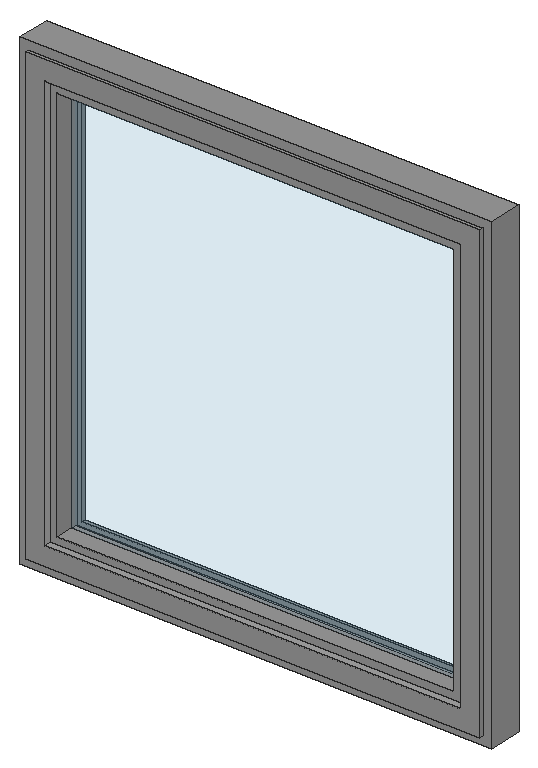
Revit family "Kawneer_Window_GT70s_Pos0011", category Windows, host Wall, Revit 2020
Family settings
  Host = Wall
  OmniClass Number = 23.30.20.00
  OmniClass Title = Windows
  Always vertical = Yes
  Cut with Voids When Loaded = No
  Shared = No
  Room Calculation Point = No
Parameters (values of type "1000mm(w)x1000mm(h)")
  _ObjectUserGuide = "www.bimstore.co.uk"
  _DistributedBy = "www.bimstore.co.uk"
  _CurrentRevision = 1
  _CreatedBy = "https://www.bimstore.co/"
  _BimSpecGuid = 0
  _BSBibleVersion = 16
  _AuthorizedBy = "bimstore"
  _Author = "BS"
  WarrantyStartDate [instance] = "Please record on commissioning."
  WarrantyGuarantorParts = "kuk.kawneer@arconic.com"
  WarrantyGuarantorLabor = "kuk.kawneer@arconic.com"
  WarrantyDurationUnit = "Years"
  WarrantyDurationParts = "n/a"
  WarrantyDurationLabor = "n/a"
  WarrantyDescription = "Kawneer Lifetime Guarantee"
  WallThickness [instance] = 300 mm
  URL = "https://www.kawneer.com"
  TypeName = Model  # "GT70s - Pos 001"
  Type Comments = "1000mm(w)x1000mm(h)"
  TopPanel = 600 mm
  SpareParts = "n/a"
  Size = Type Comments  # "1000mm(w)x1000mm(h)"
  Shape = "Rectangle"
  SerialNumber [instance] = "Please record on commissioning."
  Rough Width = Width  # 1000 mm
  Rough Height = Height  # 1000 mm
  ReplacementCost = "n/a"
  ReferencedStandard = "n/a"
  ProductionYear = "2022"
  OffsetOutward [instance] = if(ExternalRevealDepth > 0 mm, 0 mm, 0 mm - ExternalRevealDepth)  # 0 mm
  OffsetInward [instance] = if(OffsetOutward = 0 mm, ExternalRevealDepth, 0 mm)  # 30 mm
  NominalLength = Width  # 1000 mm
  NominalHeight = Height  # 1000 mm
  NominalDepth = FrameDepth  # 72 mm
  NBSReference = "45-25-99/310"
  NBSOfficeMasterTag = "n/a"
  NBSObjectName = "Kawneer - Aluminium window units"
  NBSNote = "n/a"
  NBSDescription = "Aluminium window units"
  ModelReference = Type Comments  # "1000mm(w)x1000mm(h)"
  ModelNumber = Model  # "GT70s - Pos 001"
  Model = "GT70s - Pos 001"
  Material = "Aluminium"
  ManufacturerName = "Kawneer UK Limited"
  Manufacturer = "Kawneer UK Limited"
  Keynote = "L10/330"
  JambTolerance = 0 mm
  IronmongeryMaterial [instance] = Aluminum
  InternalRevealThickness = 5 mm
  InternalRevealDepth [instance] = WallThickness - ExternalRevealDepth - FrameDepth  # 198 mm
  InstallationDate [instance] = "Please record on commissioning."
  IfcExportType = "IfcWindowTypeEnum.WINDOW"
  IfcExportAs = "IfcWindow"
  Height = 1000 mm
  HeadTolerance = 0 mm
  HasCill [instance] = no
  Grade = "n/a"
  GlazingThickness = 28 mm  # constant formula
  GlazingMaterial [instance] = Kawneer Glass
  GlassThickness = 6 mm  # constant formula
  GlassOffset_EXT = 7 mm  # constant formula
  FrameWidth = 79 mm  # constant formula
  FrameMaterial [instance] = Aluminum
  Finish = "PPC"
  Features = "n/a"
  ExternalRevealDepth [instance] = 30 mm
  ExpectedLife = 0
  DurationUnit = "Years"
  DocumentationTechnical = "n/a"
  DocumentationMaintenance = "n/a"
  DocumentationLiterature = "https://www.kawneer.com"
  DocumentationInstallationGuide = "n/a"
  DocumentationCertificates = "n/a"
  Description = "Window"
  FrameDepth = 72 mm  # constant formula
  Default Cill Height = 800 mm
  Wall Closure = By host
  Width = 1000 mm
  CreatedOn = "12-09.2022 T09:00:00"
  CreatedBy = "kuk.kawneer@arconic.com"
  Constituents = "n/a"
  Color = "n/a"
  CodePerformance = "n/a"
  ClassificationValue = "Pr_30_59_98_02"
  ClassificationName = "Uniclass2015"
  CillHeight [instance] = if(HasCill, 30 mm, 0 mm)  # 0 mm
  BottomPanel = 600 mm
  BarCode [instance] = "Please record on commissioning."
  BIMObjectName = "Kawneer_Window_GT70s_Pos001"
  AssetType = "Fixed"
  AssetIdentifier [instance] = "n/a"
  Assembly Code = "B2020100"
  AccessibilityPerformance = "n/a"
Reference planes
  plane 1 "Center (Front/Back)": y = 0
  plane 2 "Center (Left/Right)": x = 0
  plane 3 "Left": x = -500
  plane 4 "Right": x = 500
  plane 5 "Sill": z = 800
  plane 6 "Head": z = 1800
  plane 7 "Exterior": y = 150
  plane 8 "Interior": y = -150
  plane 9 "Front": y = 120
  plane 10 "Frame Rear": y = 48
  plane 11 "Base": z = 800
  plane 12 "Offset Inward": y = 120
  plane 13: x = -495
  plane 14: x = 495
  plane 15 "7": z = 1795
  plane 16 "Int Wrap": y = 48
  plane 17 "CL": z = 1300
  plane 18 "JAMB TOL A": x = -500
  plane 19 "JAMB TOL B": x = 500
  plane 20 "HEAD TOL": z = 1800
  plane 21 "HEAD TOL E": z = 1721
  plane 22 "HEAD TOL F": z = 879
  plane 23 "Handle Int": y = 48
Forms (mm)
  Extrusion 1, void
    sketch origin (0, 0, 0) x (1, 0, 0) y (0, 1, 0)
      loop
        line (-495, 48) -> (-495, -150) -> (495, -150) -> (495, 48) -> (-495, 48)
    from 800 to 1795
  Extrusion 2, void
    sketch origin (0, 0, 0) x (1, 0, 0) y (0, 1, 0)
      loop
        line (-500, 150) -> (-500, 48) -> (500, 48) -> (500, 150) -> (-500, 150)
    from 800 to 1800
Lines and regions (mm)
  Masking region 1
    outline origin (-500, 0, 0) x (0, -1, 0) y (0, 0, 1)
      loop
        line (150, 1800) -> (-48, 1800) -> (-48, 1795) -> (150, 1795) -> (150, 1800)
Text (mm)
  text "EXTERIOR" at (-1963.203, 1332.353, 0), in view "Ref. Level"
  text "INTERIOR" at (-1981.466, -818.386, 0), in view "Ref. Level"
  text "Exterior" at (0, 923.751, 2943.296), in view "Right"
  text "Exterior" at (0, 1040.484, 2685.409), in view "Left"
Dimensions and locks
  equal spacing: plane 3 "Left", plane 2 "Center (Left/Right)", plane 4 "Right"
  "Width": plane 3 "Left" to plane 4 "Right"
  "Height": plane 5 "Sill" to plane 6 "Head"
  "Default Cill Height": plane 5 "Sill" to level
  locked: plane 7 "Exterior" to host wall
  locked: plane 8 "Interior" to host wall
  "FrameDepth": plane 9 "Front" to plane 10 "Frame Rear"
  "OffsetInward": plane 12 "Offset Inward" to plane 7 "Exterior"
  "OffsetOutward": plane 9 "Front" to plane 12 "Offset Inward"
  "InternalRevealThickness": plane 3 "Left" to plane 13
  "InternalRevealThickness": plane 14 to plane 4 "Right"
  "InternalRevealThickness": plane 6 "Head" to plane 15 "7"
  "InternalRevealDepth": plane 8 "Interior" to plane 16 "Int Wrap"
  "WallThickness": host wall to host wall
  equal spacing: plane 5 "Sill", plane 17 "CL", plane 6 "Head"
  "JambTolerance": plane 19 "JAMB TOL B" to plane 4 "Right"
  "JambTolerance": plane 3 "Left" to plane 18 "JAMB TOL A"
  "HeadTolerance": plane 20 "HEAD TOL" to plane 6 "Head"
  "FrameWidth": plane 21 "HEAD TOL E" to plane 20 "HEAD TOL"
  "FrameWidth": plane 11 "Base" to plane 22 "HEAD TOL F"
  "CillHeight": plane 5 "Sill" to plane 11 "Base"
  locked: plane 9 "Front" to plane 23 "Handle Int" at 72
  aligned and locked: Extrusion 1 sketch curve to plane 16 "Int Wrap"
  aligned and locked: Extrusion 1 sketch curve to plane 13
  aligned and locked: Extrusion 1 sketch curve to plane 14
  aligned and locked: Extrusion 1 sketch curve to plane 8 "Interior"
  aligned and locked: Extrusion 1 to plane 15 "7"
  aligned and locked: plane 5 "Sill" to Extrusion 1
  aligned and locked: Extrusion 2 sketch curve to plane 3 "Left"
  aligned and locked: plane 4 "Right" to Extrusion 2 sketch curve
  aligned and locked: plane 16 "Int Wrap" to Extrusion 2 sketch curve
  aligned and locked: Extrusion 2 to plane 6 "Head"
  aligned and locked: plane 5 "Sill" to Extrusion 2
  aligned and locked: plane 7 "Exterior" to Extrusion 2 sketch curve
  aligned and locked: plane 16 "Int Wrap" to Masking region 1 sketch curve
  aligned and locked: plane 15 "7" to Masking region 1 sketch curve
  aligned and locked: Masking region 1 sketch curve to plane 6 "Head"
  aligned and locked: host wall to Masking region 1 sketch curve
  aligned and locked: nested 1 to plane 20 "HEAD TOL"
  aligned and locked: nested 1 to plane 11 "Base"
  aligned and locked: nested 1 to plane 19 "JAMB TOL B"
  aligned and locked: plane 18 "JAMB TOL A" to nested 1
  aligned and locked: plane 9 "Front" to nested 1
Nested families
  nested 1: "Kawneer_GT70s_Pos001" at (500, 120, 1300) x (-1, 0, 0) z (0, 0, 1), FrameMaterial <- "FrameMaterial", GlassMaterial <- "GlazingMaterial", type "Kawneer_GT70s_Pos001"
    with Width 1000 mm, Height 1000 mm, GlassMaterial Kawneer Glass, FrameMaterial Aluminum
Definition of nested family "Kawneer_GT70s_Pos001"
  Parameters (values of type "Kawneer_Window_GT70s_Pos001")
    Width [instance] = 1000 mm
    TopPanel = 600 mm
    Offset = 0 mm
    Height [instance] = 1000 mm
    GlassMaterial [instance] = none
    GPane = 6 mm
    FrameMaterial [instance] = none
    Default Elevation = 0 mm
    BottomPanel = 600 mm
  Reference planes
    plane 1 "Center (Front/Back)": y = 0
    plane 2: z = 0
    plane 3 "Center (Left/Right)": x = 0
    plane 4 "Frame Front": y = 0
    plane 5 "Frame": y = 72
    plane 6: x = 1000
    plane 7: z = 500
    plane 8: z = -500
    plane 9 "Glass Front": y = 7
    plane 10: y = 13
    plane 11: y = 29
    plane 12: y = 35
    plane 13 "CL": x = 500
    plane 14: x = 69
    plane 15: x = 931
    plane 16: z = 431
    plane 17: z = -431
  Forms (mm)
    Extrusion 1, solid, material <- "GlassMaterial"
      sketch origin (0, 0, 0) x (1, 0, 0) y (0, 1, 0)
        loop
          line (69, 35) -> (69, 29) -> (931, 29) -> (931, 35) -> (69, 35)
        loop
          line (69, 13) -> (69, 7) -> (931, 7) -> (931, 13) -> (69, 13)
      from -431 to 431
    Sweep 2, solid, material <- "FrameMaterial"
      path origin (0, 0, 0) x (-1, 0, 0) y (0, 0, 1)
        loop
          line (-1000, 500) -> (-1000, -500) -> (0, -500) -> (0, 500) -> (-1000, 500)
      profile "Kawneer_GT70s_JambOpen_Profile : Kawneer_GT70s_JambOpen_Profile" origin (1000, 0, 0) x (-1, 0, 0) y (0, 1, 0)
        loop
          line (0, 72) -> (0, 0) -> (39, 0) -> (39, 4.7) -> (51, 4.7) -> (51, 0) -> (79, 0) -> (79, 7) -> (69, 7) -> (69, 35) -> (79, 35) -> (79, 72) -> (64, 72) -> (58.398, 80) -> (18, 80) -> (18, 72) -> (0, 72)
  Lines and regions (mm)
    symbolic lines
      curve 1: line (79, 7, -421) -> (500, 7, 421)
      curve 2: line (500, 7, 421) -> (921, 7, -421)
      curve 3: line (921, 7, 421) -> (79, 7, 0)
      curve 4: line (79, 7, 0) -> (921, 7, -421)
  Dimensions and locks
    equal spacing: plane 7, level, plane 8
    "Height": plane 7 to plane 8
    "Width": plane 6 to plane 3 "Center (Left/Right)"
    locked: plane 5 "Frame" to plane 4 "Frame Front" at 72
    "Offset": plane 4 "Frame Front" to plane 1 "Center (Front/Back)"
    equal spacing: plane 6, plane 13 "CL", plane 3 "Center (Left/Right)"
    locked: plane 9 "Glass Front" to plane 4 "Frame Front" at 7
    locked: plane 12 to plane 9 "Glass Front" at 28
    "GPane": plane 12 to plane 11
    "GPane": plane 10 to plane 9 "Glass Front"
    locked: plane 14 to plane 3 "Center (Left/Right)" at 69
    locked: plane 6 to plane 15 at 69
    locked: plane 7 to plane 16 at 69
    locked: plane 17 to plane 8 at 69
    aligned and locked: level to plane 2
    aligned and locked: Extrusion 1 sketch curve to plane 12
    aligned and locked: plane 11 to Extrusion 1 sketch curve
    aligned and locked: Extrusion 1 sketch curve to plane 10
    aligned and locked: plane 9 "Glass Front" to Extrusion 1 sketch curve
    aligned and locked: plane 6 to nested 1
    aligned and locked: plane 4 "Frame Front" to nested 1
    aligned and locked: plane 3 "Center (Left/Right)" to nested 2
    aligned and locked: nested 2 to plane 4 "Frame Front"
    aligned and locked: plane 14 to Extrusion 1 sketch curve  (x2)
    aligned and locked: Extrusion 1 sketch curve to plane 15  (x2)
    aligned and locked: plane 6 to Sweep 2 sketch curve
    aligned and locked: plane 8 to Sweep 2 sketch curve
    aligned and locked: plane 7 to Sweep 2 sketch curve
    aligned and locked: plane 3 "Center (Left/Right)" to Sweep 2 sketch curve
    aligned and locked: nested 3 to plane 7
    aligned and locked: plane 5 "Frame" to nested 3
    aligned and locked: nested 4 to plane 8
    aligned and locked: nested 4 to plane 4 "Frame Front"
    aligned and locked: plane 16 to Extrusion 1
    aligned and locked: Extrusion 1 to plane 17
  Automatic sketch dimensions
    curve 2 to plane 13 "CL" = 0 mm
    curve 3 to level = 0 mm
    curve 2 to plane 16 = 10 mm
    curve 4 to plane 15 = 10 mm
    curve 3 to plane 15 = 10 mm
    plane 14 to curve 4 = 10 mm
    plane 14 to curve 1 = 10 mm
    plane 17 to curve 1 = 10 mm
    plane 17 to curve 2 = 10 mm
    curve 3 to plane 16 = 10 mm
  Nested families
    nested 1: "Kawneer_GT70s_Jamb" at (1000, 72, 0), type "Jamb Open"
      with Open yes
    nested 2: "Kawneer_GT70s_Jamb" at (0, 72, 0) x (-1, 0, 0) z (0, 0, 1), type "Jamb Open"
      with Open yes
    nested 3: "Kawneer_GT70s_Jamb" at (0, 72, 500) x (0, 0, 1) z (1, 0, 0), type "Jamb Open"
      with Open yes
    nested 4: "Kawneer_GT70s_Jamb" at (0, 72, -500) x (0, 0, -1) z (1, 0, 0), type "Jamb Open"
      with Open yes
  Definition of nested family "Kawneer_GT70s_Jamb"
    Parameters (values of type "Jamb Open")
      Open [instance] = yes
    Reference planes
      plane 1 "Center (Front/Back)": y = 0
      plane 2: z = 0
      plane 3 "Center (Left/Right)": x = 0
      plane 4: x = -79
      plane 5: x = -69
      plane 6: y = -37
      plane 7: y = -65
      plane 8: y = -72
    Lines and regions (mm)
      model lines, in view "Ref. Level", detail levels fine
        curve 1: arc (-15.5, -1.4, 0) -> (-15.641, -1.459, 0) -> (-15.7, -1.6, 0) r 0.2
        curve 2: arc (-15.7, -1.6, 0) -> (-15.759, -1.741, 0) -> (-15.9, -1.8, 0) r 0.2
        curve 3: arc (-17, -1.8, 0) -> (-17.141, -1.859, 0) -> (-17.2, -2, 0) r 0.2
        curve 4: arc (-17.2, -3.013, 0) -> (-17.259, -3.154, 0) -> (-17.4, -3.213, 0) r 0.2
        curve 5: arc (-17.4, -3.213, 0) -> (-17.541, -3.271, 0) -> (-17.6, -3.413, 0) r 0.2
        curve 6: arc (-17.6, -15.2, 0) -> (-17.541, -15.341, 0) -> (-17.4, -15.4, 0) r 0.2
        curve 7: arc (-17.4, -15.4, 0) -> (-17.259, -15.459, 0) -> (-17.2, -15.6, 0) r 0.2
        curve 8: arc (-17.2, -16.5, 0) -> (-17.141, -16.641, 0) -> (-17, -16.7, 0) r 0.2
        curve 9: arc (-16.273, -16.7, 0) -> (-16.173, -16.727, 0) -> (-16.1, -16.8, 0) r 0.2
        curve 10: arc (-16.1, -16.8, 0) -> (-16.027, -16.873, 0) -> (-15.927, -16.9, 0) r 0.2
        curve 11: arc (-8.073, -16.9, 0) -> (-7.973, -16.873, 0) -> (-7.9, -16.8, 0) r 0.2
        curve 12: arc (-7.9, -16.8, 0) -> (-7.827, -16.727, 0) -> (-7.727, -16.7, 0) r 0.2
        curve 13: arc (-7, -16.7, 0) -> (-6.859, -16.641, 0) -> (-6.8, -16.5, 0) r 0.2
        curve 14: arc (-6.8, -15.6, 0) -> (-6.741, -15.459, 0) -> (-6.6, -15.4, 0) r 0.2
        curve 15: arc (-6.6, -15.4, 0) -> (-6.459, -15.341, 0) -> (-6.4, -15.2, 0) r 0.2
        curve 16: arc (-6.4, -3.413, 0) -> (-6.459, -3.271, 0) -> (-6.6, -3.213, 0) r 0.2
        curve 17: arc (-6.6, -3.213, 0) -> (-6.741, -3.154, 0) -> (-6.8, -3.013, 0) r 0.2
        curve 18: arc (-6.8, -2, 0) -> (-6.859, -1.859, 0) -> (-7, -1.8, 0) r 0.2
        curve 19: arc (-8.1, -1.8, 0) -> (-8.241, -1.741, 0) -> (-8.3, -1.6, 0) r 0.2
        curve 20: arc (-8.3, -1.6, 0) -> (-8.359, -1.459, 0) -> (-8.5, -1.4, 0) r 0.2
        curve 21: arc (-0.5, 0, 0) -> (-0.146, -0.146, 0) -> (0, -0.5, 0) r 0.5
        curve 22: arc (0, -2.342, 0) -> (-0.333, -3.447, 0) -> (-1.222, -4.184, 0) r 2
        curve 23: arc (-1.222, -4.184, 0) -> (-1.411, -4.167, 0) -> (-1.5, -4, 0) r 0.2
        curve 24: arc (-1.5, -2.3, 0) -> (-1.646, -1.946, 0) -> (-2, -1.8, 0) r 0.5
        curve 25: arc (-4.5, -1.8, 0) -> (-4.854, -1.946, 0) -> (-5, -2.3, 0) r 0.5
        curve 26: arc (-5, -15.8, 0) -> (-4.854, -16.154, 0) -> (-4.5, -16.3, 0) r 0.5
        curve 27: arc (-2, -16.3, 0) -> (-1.646, -16.154, 0) -> (-1.5, -15.8, 0) r 0.5
        curve 28: arc (-1.5, -14.4, 0) -> (-1.406, -14.23, 0) -> (-1.212, -14.22, 0) r 0.2
        curve 29: arc (-1.212, -14.22, 0) -> (-0.474, -14.884, 0) -> (-0.2, -15.839, 0) r 1.8
        curve 30: arc (-0.2, -18.6, 0) -> (-0.493, -19.307, 0) -> (-1.2, -19.6, 0) r 1
        curve 31: arc (-1.3, -19.6, 0) -> (-1.441, -19.541, 0) -> (-1.5, -19.4, 0) r 0.2
        curve 32: arc (-1.5, -18.2, 0) -> (-1.559, -18.059, 0) -> (-1.7, -18, 0) r 0.2
        curve 33: arc (-4.3, -18, 0) -> (-4.795, -18.205, 0) -> (-5, -18.7, 0) r 0.7
        curve 34: arc (-5, -21.367, 0) -> (-5.15, -21.627, 0) -> (-5.45, -21.627, 0) r 0.3
        curve 35: arc (-7.18, -20.628, 0) -> (-7.288, -20.366, 0) -> (-7.027, -20.258, 0) r 0.2
        curve 36: arc (-6.413, -18.777, 0) -> (-6.432, -18.589, 0) -> (-6.598, -18.5, 0) r 0.2
        curve 37: arc (-10.2, -18.5, 0) -> (-10.341, -18.559, 0) -> (-10.4, -18.7, 0) r 0.2
        curve 38: arc (-9.614, -20.602, 0) -> (-9.384, -20.785, 0) -> (-9.584, -21, 0) r 0.2
        curve 39: arc (-9.961, -21, 0) -> (-10.754, -20.893, 0) -> (-11.49, -20.581, 0) r 3
        curve 40: arc (-11.49, -20.581, 0) -> (-12, -20.441, 0) -> (-12.51, -20.581, 0) r 1
        curve 41: arc (-12.51, -20.581, 0) -> (-13.246, -20.893, 0) -> (-14.039, -21, 0) r 3
        curve 42: arc (-14.416, -21, 0) -> (-14.615, -20.782, 0) -> (-14.381, -20.603, 0) r 0.2
        curve 43: arc (-13.6, -18.7, 0) -> (-13.659, -18.559, 0) -> (-13.8, -18.5, 0) r 0.2
        curve 44: arc (-17.402, -18.5, 0) -> (-17.568, -18.589, 0) -> (-17.587, -18.777, 0) r 0.2
        curve 45: arc (-16.973, -20.258, 0) -> (-16.712, -20.366, 0) -> (-16.82, -20.628, 0) r 0.2
        curve 46: arc (-18.55, -21.627, 0) -> (-18.85, -21.627, 0) -> (-19, -21.367, 0) r 0.3
        curve 47: arc (-19, -18.7, 0) -> (-19.205, -18.205, 0) -> (-19.7, -18, 0) r 0.7
        curve 48: arc (-22.3, -18, 0) -> (-22.441, -18.059, 0) -> (-22.5, -18.2, 0) r 0.2
        curve 49: arc (-22.5, -19.4, 0) -> (-22.559, -19.541, 0) -> (-22.7, -19.6, 0) r 0.2
        curve 50: arc (-22.8, -19.6, 0) -> (-23.507, -19.307, 0) -> (-23.8, -18.6, 0) r 1
        curve 51: arc (-23.8, -15.839, 0) -> (-23.526, -14.884, 0) -> (-22.788, -14.22, 0) r 1.8
        curve 52: arc (-22.788, -14.22, 0) -> (-22.594, -14.23, 0) -> (-22.5, -14.4, 0) r 0.2
        curve 53: arc (-22.5, -15.8, 0) -> (-22.354, -16.154, 0) -> (-22, -16.3, 0) r 0.5
        curve 54: arc (-19.5, -16.3, 0) -> (-19.146, -16.154, 0) -> (-19, -15.8, 0) r 0.5
        curve 55: arc (-19, -2.3, 0) -> (-19.146, -1.946, 0) -> (-19.5, -1.8, 0) r 0.5
        curve 56: arc (-22, -1.8, 0) -> (-22.354, -1.946, 0) -> (-22.5, -2.3, 0) r 0.5
        curve 57: arc (-22.5, -4, 0) -> (-22.589, -4.167, 0) -> (-22.778, -4.184, 0) r 0.2
        curve 58: arc (-22.778, -4.184, 0) -> (-23.667, -3.447, 0) -> (-24, -2.342, 0) r 2
        curve 59: arc (-24, -0.5, 0) -> (-23.854, -0.146, 0) -> (-23.5, 0, 0) r 0.5
        curve 60: arc (-15.25, -35.5, 0) -> (-15.674, -35.324, 0) -> (-15.85, -34.9, 0) r 0.6
        curve 61: arc (-15.85, -34.9, 0) -> (-15.674, -34.476, 0) -> (-15.25, -34.3, 0) r 0.6
        curve 62: arc (-6.964, -34.3, 0) -> (-6.608, -34.151, 0) -> (-6.464, -33.794, 0) r 0.5
        curve 63: arc (-6.464, -33.794, 0) -> (-6.545, -30.287, 0) -> (-6.697, -26.783, 0) r 172.05
        curve 64: arc (-6.697, -26.783, 0) -> (-6.905, -25.843, 0) -> (-7.395, -25.015, 0) r 3.049
        curve 65: arc (-8.779, -23.365, 0) -> (-9.328, -22.473, 0) -> (-9.481, -21.437, 0) r 2.599
        curve 66: arc (-9.481, -20.971, 0) -> (-9.498, -20.844, 0) -> (-9.548, -20.726, 0) r 0.5
        curve 67: arc (-10.4, -18.7, 0) -> (-10.341, -18.559, 0) -> (-10.2, -18.5, 0) r 0.2
        curve 68: arc (-9.179, -18.5, 0) -> (-8.92, -18.65, 0) -> (-8.92, -18.95, 0) r 0.3
        curve 69: arc (-8.92, -18.95, 0) -> (-8.4, -19.85, 0) -> (-7.88, -18.95, 0) r 0.6
        curve 70: arc (-7.88, -18.95, 0) -> (-7.88, -18.65, 0) -> (-7.621, -18.5, 0) r 0.3
        curve 71: arc (-6.8, -18.5, 0) -> (-6.659, -18.559, 0) -> (-6.6, -18.7, 0) r 0.2
        curve 72: arc (-7.103, -20.871, 0) -> (-6.886, -21.58, 0) -> (-6.355, -22.099, 0) r 1.5
        curve 73: arc (-5.55, -22.564, 0) -> (-5.184, -22.93, 0) -> (-5.05, -23.43, 0) r 1
        curve 74: arc (-5.05, -48.57, 0) -> (-5.184, -49.07, 0) -> (-5.55, -49.436, 0) r 1
        curve 75: arc (-6.355, -49.901, 0) -> (-6.886, -50.42, 0) -> (-7.103, -51.129, 0) r 1.5
        curve 76: arc (-6.6, -53.3, 0) -> (-6.659, -53.441, 0) -> (-6.8, -53.5, 0) r 0.2
        curve 77: arc (-7.621, -53.5, 0) -> (-7.88, -53.35, 0) -> (-7.88, -53.05, 0) r 0.3
        curve 78: arc (-7.88, -53.05, 0) -> (-8.4, -52.15, 0) -> (-8.92, -53.05, 0) r 0.6
        curve 79: arc (-8.92, -53.05, 0) -> (-8.92, -53.35, 0) -> (-9.179, -53.5, 0) r 0.3
        curve 80: arc (-10.2, -53.5, 0) -> (-10.341, -53.441, 0) -> (-10.4, -53.3, 0) r 0.2
        curve 81: arc (-9.548, -51.274, 0) -> (-9.498, -51.153, 0) -> (-9.481, -51.024, 0) r 0.5
        curve 82: arc (-9.481, -50.566, 0) -> (-9.301, -49.539, 0) -> (-8.78, -48.636, 0) r 2.996
        curve 83: arc (-7.395, -46.986, 0) -> (-6.902, -46.158, 0) -> (-6.697, -45.216, 0) r 3.002
        curve 84: arc (-6.697, -45.216, 0) -> (-6.512, -40.61, 0) -> (-6.45, -36, 0) r 172.47
        curve 85: arc (-6.45, -36, 0) -> (-6.596, -35.646, 0) -> (-6.95, -35.5, 0) r 0.5
        curve 86: arc (-8.15, -36.5, 0) -> (-7.726, -36.676, 0) -> (-7.55, -37.1, 0) r 0.6
        curve 87: arc (-7.55, -37.1, 0) -> (-7.726, -37.524, 0) -> (-8.15, -37.7, 0) r 0.6
        curve 88: arc (-17.036, -37.7, 0) -> (-17.392, -37.849, 0) -> (-17.536, -38.206, 0) r 0.5
        curve 89: arc (-17.536, -38.206, 0) -> (-17.455, -41.713, 0) -> (-17.303, -45.217, 0) r 172.05
        curve 90: arc (-17.303, -45.217, 0) -> (-17.095, -46.157, 0) -> (-16.605, -46.985, 0) r 3.049
        curve 91: arc (-15.221, -48.635, 0) -> (-14.672, -49.527, 0) -> (-14.519, -50.563, 0) r 2.599
        curve 92: arc (-14.519, -51.029, 0) -> (-14.502, -51.156, 0) -> (-14.452, -51.274, 0) r 0.5
        curve 93: arc (-13.6, -53.3, 0) -> (-13.659, -53.441, 0) -> (-13.8, -53.5, 0) r 0.2
        curve 94: arc (-14.821, -53.5, 0) -> (-15.08, -53.35, 0) -> (-15.08, -53.05, 0) r 0.3
        curve 95: arc (-15.08, -53.05, 0) -> (-15.6, -52.15, 0) -> (-16.12, -53.05, 0) r 0.6
        curve 96: arc (-16.12, -53.05, 0) -> (-16.12, -53.35, 0) -> (-16.379, -53.5, 0) r 0.3
        curve 97: arc (-17.2, -53.5, 0) -> (-17.341, -53.441, 0) -> (-17.4, -53.3, 0) r 0.2
        curve 98: arc (-16.897, -51.129, 0) -> (-17.114, -50.42, 0) -> (-17.645, -49.901, 0) r 1.5
        curve 99: arc (-18.45, -49.436, 0) -> (-18.816, -49.07, 0) -> (-18.95, -48.57, 0) r 1
        curve 100: arc (-18.95, -46.5, 0) -> (-19.093, -46.143, 0) -> (-19.45, -46, 0) r 0.49
        curve 101: arc (-22.15, -46, 0) -> (-22.362, -46.088, 0) -> (-22.45, -46.3, 0) r 0.3
        curve 102: arc (-22.45, -46.9, 0) -> (-22.596, -47.254, 0) -> (-22.95, -47.4, 0) r 0.5
        curve 103: arc (-22.95, -47.4, 0) -> (-23.304, -47.254, 0) -> (-23.45, -46.9, 0) r 0.5
        curve 104: arc (-23.45, -43.9, 0) -> (-23.303, -43.547, 0) -> (-22.95, -43.4, 0) r 0.502
        curve 105: arc (-22.95, -43.4, 0) -> (-22.596, -43.546, 0) -> (-22.45, -43.9, 0) r 0.5
        curve 106: arc (-22.45, -44.5, 0) -> (-22.362, -44.712, 0) -> (-22.15, -44.8, 0) r 0.3
        curve 107: arc (-19.45, -44.8, 0) -> (-19.096, -44.654, 0) -> (-18.95, -44.3, 0) r 0.5
        curve 108: arc (-18.95, -23.43, 0) -> (-18.816, -22.93, 0) -> (-18.45, -22.564, 0) r 1
        curve 109: arc (-17.645, -22.099, 0) -> (-17.114, -21.58, 0) -> (-16.897, -20.871, 0) r 1.5
        curve 110: arc (-17.4, -18.7, 0) -> (-17.341, -18.559, 0) -> (-17.2, -18.5, 0) r 0.2
        curve 111: arc (-16.379, -18.5, 0) -> (-16.12, -18.65, 0) -> (-16.12, -18.95, 0) r 0.3
        curve 112: arc (-16.12, -18.95, 0) -> (-15.6, -19.85, 0) -> (-15.08, -18.95, 0) r 0.6
        curve 113: arc (-15.08, -18.95, 0) -> (-15.08, -18.65, 0) -> (-14.821, -18.5, 0) r 0.3
        curve 114: arc (-13.8, -18.5, 0) -> (-13.659, -18.559, 0) -> (-13.6, -18.7, 0) r 0.2
        curve 115: arc (-14.452, -20.726, 0) -> (-14.502, -20.844, 0) -> (-14.519, -20.971, 0) r 0.5
        curve 116: arc (-14.519, -21.437, 0) -> (-14.7, -22.462, 0) -> (-15.22, -23.364, 0) r 2.996
        curve 117: arc (-16.605, -25.014, 0) -> (-17.098, -25.842, 0) -> (-17.303, -26.784, 0) r 3.002
        curve 118: arc (-17.303, -26.784, 0) -> (-17.488, -31.39, 0) -> (-17.55, -36, 0) r 172.47
        curve 119: arc (-17.55, -36, 0) -> (-17.404, -36.354, 0) -> (-17.05, -36.5, 0) r 0.5
        curve 120: arc (-8.5, -70.6, 0) -> (-8.359, -70.541, 0) -> (-8.3, -70.4, 0) r 0.2
        curve 121: arc (-8.3, -70.4, 0) -> (-8.241, -70.259, 0) -> (-8.1, -70.2, 0) r 0.2
        curve 122: arc (-7, -70.2, 0) -> (-6.859, -70.141, 0) -> (-6.8, -70, 0) r 0.2
        curve 123: arc (-6.8, -68.9, 0) -> (-6.741, -68.759, 0) -> (-6.6, -68.7, 0) r 0.2
        curve 124: arc (-6.6, -68.7, 0) -> (-6.459, -68.641, 0) -> (-6.4, -68.5, 0) r 0.2
        curve 125: arc (-6.4, -57, 0) -> (-6.459, -56.859, 0) -> (-6.6, -56.8, 0) r 0.2
        curve 126: arc (-6.6, -56.8, 0) -> (-6.741, -56.741, 0) -> (-6.8, -56.6, 0) r 0.2
        curve 127: arc (-6.8, -55.5, 0) -> (-6.859, -55.359, 0) -> (-7, -55.3, 0) r 0.2
        curve 128: arc (-8.1, -55.3, 0) -> (-8.2, -55.273, 0) -> (-8.273, -55.2, 0) r 0.2
        curve 129: arc (-8.273, -55.2, 0) -> (-8.346, -55.127, 0) -> (-8.446, -55.1, 0) r 0.2
        curve 130: arc (-15.554, -55.1, 0) -> (-15.654, -55.127, 0) -> (-15.727, -55.2, 0) r 0.2
        curve 131: arc (-15.727, -55.2, 0) -> (-15.8, -55.273, 0) -> (-15.9, -55.3, 0) r 0.2
        curve 132: arc (-17, -55.3, 0) -> (-17.141, -55.359, 0) -> (-17.2, -55.5, 0) r 0.2
        curve 133: arc (-17.2, -56.6, 0) -> (-17.259, -56.741, 0) -> (-17.4, -56.8, 0) r 0.2
        curve 134: arc (-17.4, -56.8, 0) -> (-17.541, -56.859, 0) -> (-17.6, -57, 0) r 0.2
        curve 135: arc (-17.6, -68.5, 0) -> (-17.541, -68.641, 0) -> (-17.4, -68.7, 0) r 0.2
        curve 136: arc (-17.4, -68.7, 0) -> (-17.259, -68.759, 0) -> (-17.2, -68.9, 0) r 0.2
        curve 137: arc (-17.2, -70, 0) -> (-17.141, -70.141, 0) -> (-17, -70.2, 0) r 0.2
        curve 138: arc (-15.9, -70.2, 0) -> (-15.759, -70.259, 0) -> (-15.7, -70.4, 0) r 0.2
        curve 139: arc (-15.7, -70.4, 0) -> (-15.641, -70.541, 0) -> (-15.5, -70.6, 0) r 0.2
        curve 140: arc (-38.5, -72, 0) -> (-38.854, -71.854, 0) -> (-39, -71.5, 0) r 0.5
        curve 141: arc (-39, -68.5, 0) -> (-38.854, -68.146, 0) -> (-38.5, -68, 0) r 0.5
        curve 142: arc (-37, -68, 0) -> (-36.646, -68.146, 0) -> (-36.5, -68.5, 0) r 0.5
        curve 143: arc (-36.5, -68.8, 0) -> (-36.559, -68.941, 0) -> (-36.7, -69, 0) r 0.2
        curve 144: arc (-37.3, -69, 0) -> (-37.654, -69.146, 0) -> (-37.8, -69.5, 0) r 0.5
        curve 145: arc (-37.8, -70.1, 0) -> (-37.654, -70.454, 0) -> (-37.3, -70.6, 0) r 0.5
        curve 146: arc (-32.7, -70.6, 0) -> (-32.346, -70.454, 0) -> (-32.2, -70.1, 0) r 0.5
        curve 147: arc (-32.2, -69.5, 0) -> (-32.346, -69.146, 0) -> (-32.7, -69, 0) r 0.5
        curve 148: arc (-33.3, -69, 0) -> (-33.441, -68.941, 0) -> (-33.5, -68.8, 0) r 0.2
        curve 149: arc (-33.5, -68.5, 0) -> (-33.354, -68.146, 0) -> (-33, -68, 0) r 0.5
        curve 150: arc (-29.9, -68, 0) -> (-29.5, -68.4, 0) -> (-29.9, -68.8, 0) r 0.4
        curve 151: arc (-30.8, -68.8, 0) -> (-30.941, -68.859, 0) -> (-31, -69, 0) r 0.2
        curve 152: arc (-31, -69.9, 0) -> (-30.854, -70.254, 0) -> (-30.5, -70.4, 0) r 0.5
        curve 153: arc (-19.489, -70.211, 0) -> (-19.143, -70.061, 0) -> (-19, -69.711, 0) r 0.5
        curve 154: arc (-19, -56.2, 0) -> (-19.146, -55.846, 0) -> (-19.5, -55.7, 0) r 0.5
        curve 155: arc (-22.3, -55.7, 0) -> (-22.441, -55.759, 0) -> (-22.5, -55.9, 0) r 0.2
        curve 156: arc (-22.5, -57.094, 0) -> (-22.559, -57.235, 0) -> (-22.7, -57.294, 0) r 0.2
        curve 157: arc (-22.7, -57.294, 0) -> (-23.266, -57.059, 0) -> (-23.5, -56.494, 0) r 0.8
        curve 158: arc (-23.5, -53.3, 0) -> (-23, -52.8, 0) -> (-22.5, -53.3, 0) r 0.5
        curve 159: arc (-22.5, -53.9, 0) -> (-22.412, -54.112, 0) -> (-22.2, -54.2, 0) r 0.3
        curve 160: arc (-19.7, -54.2, 0) -> (-19.205, -53.995, 0) -> (-19, -53.5, 0) r 0.7
        curve 161: arc (-19, -50.633, 0) -> (-18.85, -50.373, 0) -> (-18.55, -50.373, 0) r 0.3
        curve 162: arc (-16.82, -51.372, 0) -> (-16.712, -51.634, 0) -> (-16.973, -51.742, 0) r 0.2
        curve 163: arc (-17.587, -53.223, 0) -> (-17.568, -53.411, 0) -> (-17.402, -53.5, 0) r 0.2
        curve 164: arc (-13.8, -53.5, 0) -> (-13.659, -53.441, 0) -> (-13.6, -53.3, 0) r 0.2
        curve 165: arc (-14.386, -51.398, 0) -> (-14.616, -51.215, 0) -> (-14.416, -51, 0) r 0.2
        curve 166: arc (-14.039, -51, 0) -> (-13.246, -51.107, 0) -> (-12.51, -51.419, 0) r 3
        curve 167: arc (-12.51, -51.419, 0) -> (-12, -51.559, 0) -> (-11.49, -51.419, 0) r 1
        curve 168: arc (-11.49, -51.419, 0) -> (-10.754, -51.107, 0) -> (-9.961, -51, 0) r 3
        curve 169: arc (-9.584, -51, 0) -> (-9.385, -51.217, 0) -> (-9.618, -51.397, 0) r 0.2
        curve 170: arc (-10.4, -53.3, 0) -> (-10.341, -53.441, 0) -> (-10.2, -53.5, 0) r 0.2
        curve 171: arc (-6.598, -53.5, 0) -> (-6.432, -53.411, 0) -> (-6.413, -53.223, 0) r 0.2
        curve 172: arc (-7.027, -51.742, 0) -> (-7.288, -51.634, 0) -> (-7.18, -51.372, 0) r 0.2
        curve 173: arc (-5.45, -50.373, 0) -> (-5.15, -50.373, 0) -> (-5, -50.633, 0) r 0.3
        curve 174: arc (-5, -53.3, 0) -> (-4.795, -53.795, 0) -> (-4.3, -54, 0) r 0.7
        curve 175: arc (-1.7, -54, 0) -> (-1.559, -53.941, 0) -> (-1.5, -53.8, 0) r 0.2
        curve 176: arc (-1.5, -52.6, 0) -> (-1.441, -52.459, 0) -> (-1.3, -52.4, 0) r 0.2
        curve 177: arc (-1.2, -52.4, 0) -> (-0.493, -52.693, 0) -> (-0.2, -53.4, 0) r 1
        curve 178: arc (-0.2, -56.161, 0) -> (-0.474, -57.116, 0) -> (-1.212, -57.78, 0) r 1.8
        curve 179: arc (-1.212, -57.78, 0) -> (-1.406, -57.77, 0) -> (-1.5, -57.6, 0) r 0.2
        curve 180: arc (-1.5, -56.2, 0) -> (-1.646, -55.846, 0) -> (-2, -55.7, 0) r 0.5
        curve 181: arc (-4.5, -55.7, 0) -> (-4.854, -55.846, 0) -> (-5, -56.2, 0) r 0.5
        curve 182: arc (-5, -69.7, 0) -> (-4.854, -70.054, 0) -> (-4.5, -70.2, 0) r 0.5
        curve 183: arc (-2, -70.2, 0) -> (-1.646, -70.054, 0) -> (-1.5, -69.7, 0) r 0.5
        curve 184: arc (-1.5, -68, 0) -> (-1.411, -67.833, 0) -> (-1.222, -67.816, 0) r 0.2
        curve 185: arc (-1.222, -67.816, 0) -> (-0.333, -68.553, 0) -> (0, -69.658, 0) r 2
        curve 186: arc (0, -71.5, 0) -> (-0.146, -71.854, 0) -> (-0.5, -72, 0) r 0.5
        curve 510: line (-8.5, -1.4, 0) -> (-12, -1.4, 0)
        curve 511: line (-12, -1.4, 0) -> (-15.5, -1.4, 0)
        curve 512: line (-15.9, -1.8, 0) -> (-17, -1.8, 0)
        curve 513: line (-17.2, -2, 0) -> (-17.2, -3.013, 0)
        curve 514: line (-17.6, -3.413, 0) -> (-17.6, -9.306, 0)
        curve 515: line (-17.6, -9.306, 0) -> (-17.6, -15.2, 0)
        curve 516: line (-17.2, -15.6, 0) -> (-17.2, -16.5, 0)
        curve 517: line (-17, -16.7, 0) -> (-16.273, -16.7, 0)
        curve 518: line (-15.927, -16.9, 0) -> (-12, -16.9, 0)
        curve 519: line (-12, -16.9, 0) -> (-8.073, -16.9, 0)
        curve 520: line (-7.727, -16.7, 0) -> (-7, -16.7, 0)
        curve 521: line (-6.8, -16.5, 0) -> (-6.8, -15.6, 0)
        curve 522: line (-6.4, -15.2, 0) -> (-6.4, -9.306, 0)
        curve 523: line (-6.4, -9.306, 0) -> (-6.4, -3.413, 0)
        curve 524: line (-6.8, -3.013, 0) -> (-6.8, -2, 0)
        curve 525: line (-7, -1.8, 0) -> (-8.1, -1.8, 0)
        curve 526: line (-23.5, 0, 0) -> (-0.5, 0, 0)
        curve 527: line (0, -0.5, 0) -> (0, -2.342, 0)
        curve 528: line (-1.5, -4, 0) -> (-1.5, -2.3, 0)
        curve 529: line (-2, -1.8, 0) -> (-4.5, -1.8, 0)
        curve 530: line (-5, -2.3, 0) -> (-5, -15.8, 0)
        curve 531: line (-4.5, -16.3, 0) -> (-2, -16.3, 0)
        curve 532: line (-1.5, -15.8, 0) -> (-1.5, -14.4, 0)
        curve 533: line (-0.2, -15.839, 0) -> (-0.2, -18.6, 0)
        curve 534: line (-1.5, -19.4, 0) -> (-1.5, -18.2, 0)
        curve 535: line (-1.7, -18, 0) -> (-4.3, -18, 0)
        curve 536: line (-5, -18.7, 0) -> (-5, -21.367, 0)
        curve 537: line (-7.027, -20.258, 0) -> (-6.413, -18.777, 0)
        curve 538: line (-6.598, -18.5, 0) -> (-10.2, -18.5, 0)
        curve 539: line (-10.2, -18.5, 0) -> (-9.179, -18.5, 0)
        curve 540: line (-10.4, -18.7, 0) -> (-10.4, -19.24, 0)
        curve 541: line (-10.4, -19.24, 0) -> (-9.614, -20.602, 0)
        curve 542: line (-9.614, -20.602, 0) -> (-10.4, -19.25, 0)
        curve 543: line (-10.4, -19.25, 0) -> (-10.4, -18.7, 0)
        curve 544: line (-9.481, -21.437, 0) -> (-9.584, -21, 0)
        curve 545: line (-9.584, -21, 0) -> (-9.961, -21, 0)
        curve 546: line (-14.039, -21, 0) -> (-14.416, -21, 0)
        curve 547: line (-14.416, -21, 0) -> (-14.519, -21.437, 0)
        curve 548: line (-14.386, -20.602, 0) -> (-13.6, -19.24, 0)
        curve 549: line (-13.6, -19.24, 0) -> (-13.6, -18.7, 0)
        curve 550: line (-13.6, -18.7, 0) -> (-13.6, -19.25, 0)
        curve 551: line (-13.6, -19.25, 0) -> (-14.452, -20.726, 0)
        curve 552: line (-14.821, -18.5, 0) -> (-13.8, -18.5, 0)
        curve 553: line (-13.8, -18.5, 0) -> (-17.402, -18.5, 0)
        curve 554: line (-17.587, -18.777, 0) -> (-16.973, -20.258, 0)
        curve 555: line (-17.4, -18.7, 0) -> (-17.4, -19.581, 0)
        curve 556: line (-17.4, -19.581, 0) -> (-16.82, -20.628, 0)
        curve 557: line (-16.82, -20.628, 0) -> (-17.921, -21.264, 0)
        curve 558: line (-17.921, -21.264, 0) -> (-18.55, -21.627, 0)
        curve 559: line (-19, -21.367, 0) -> (-19, -18.7, 0)
        curve 560: line (-19.7, -18, 0) -> (-22.3, -18, 0)
        curve 561: line (-22.5, -18.2, 0) -> (-22.5, -19.4, 0)
        curve 562: line (-23.8, -18.6, 0) -> (-23.8, -15.839, 0)
        curve 563: line (-22.5, -14.4, 0) -> (-22.5, -15.8, 0)
        curve 564: line (-22, -16.3, 0) -> (-19.5, -16.3, 0)
        curve 565: line (-19, -15.8, 0) -> (-19, -2.3, 0)
        curve 566: line (-19.5, -1.8, 0) -> (-22, -1.8, 0)
        curve 567: line (-22.5, -2.3, 0) -> (-22.5, -4, 0)
        curve 568: line (-24, -2.342, 0) -> (-24, -0.5, 0)
        curve 569: line (-6.95, -35.5, 0) -> (-15.25, -35.5, 0)
        curve 570: line (-15.25, -34.3, 0) -> (-6.964, -34.3, 0)
        curve 571: line (-7.395, -25.015, 0) -> (-8.779, -23.365, 0)
        curve 572: line (-7.621, -18.5, 0) -> (-6.8, -18.5, 0)
        curve 573: line (-6.6, -18.7, 0) -> (-6.6, -19.581, 0)
        curve 574: line (-6.6, -19.581, 0) -> (-7.081, -20.742, 0)
        curve 575: line (-7.081, -20.742, 0) -> (-6.079, -21.264, 0)
        curve 576: line (-6.079, -21.264, 0) -> (-5.45, -21.627, 0)
        curve 577: line (-6.355, -22.099, 0) -> (-5.55, -22.564, 0)
        curve 578: line (-5.05, -23.43, 0) -> (-5.05, -48.57, 0)
        curve 579: line (-5.55, -49.436, 0) -> (-6.355, -49.901, 0)
        curve 580: line (-5.45, -50.373, 0) -> (-6.079, -50.736, 0)
        curve 581: line (-6.079, -50.736, 0) -> (-7.081, -51.258, 0)
        curve 582: line (-7.081, -51.258, 0) -> (-6.6, -52.419, 0)
        curve 583: line (-6.6, -52.419, 0) -> (-6.6, -53.3, 0)
        curve 584: line (-6.8, -53.5, 0) -> (-7.621, -53.5, 0)
        curve 585: line (-9.179, -53.5, 0) -> (-10.2, -53.5, 0)
        curve 586: line (-10.2, -53.5, 0) -> (-6.598, -53.5, 0)
        curve 587: line (-10.4, -53.3, 0) -> (-10.4, -52.76, 0)
        curve 588: line (-10.4, -52.75, 0) -> (-9.548, -51.274, 0)
        curve 589: line (-9.548, -51.274, 0) -> (-10.4, -52.76, 0)
        curve 590: line (-10.4, -52.76, 0) -> (-10.4, -53.3, 0)
        curve 591: line (-9.961, -51, 0) -> (-9.481, -51.024, 0)
        curve 592: line (-9.481, -51.024, 0) -> (-9.481, -50.566, 0)
        curve 593: line (-8.78, -48.636, 0) -> (-7.395, -46.986, 0)
        curve 594: line (-17.05, -36.5, 0) -> (-8.15, -36.5, 0)
        curve 595: line (-8.15, -37.7, 0) -> (-17.036, -37.7, 0)
        curve 596: line (-16.605, -46.985, 0) -> (-15.221, -48.635, 0)
        curve 597: line (-14.519, -50.563, 0) -> (-14.519, -51.024, 0)
        curve 598: line (-14.519, -51.024, 0) -> (-14.039, -51, 0)
        curve 599: line (-14.452, -51.274, 0) -> (-13.6, -52.75, 0)
        curve 600: line (-13.6, -52.75, 0) -> (-13.6, -53.3, 0)
        curve 601: line (-13.6, -53.3, 0) -> (-13.6, -52.76, 0)
        curve 602: line (-13.6, -52.76, 0) -> (-14.386, -51.398, 0)
        curve 603: line (-17.402, -53.5, 0) -> (-13.8, -53.5, 0)
        curve 604: line (-13.8, -53.5, 0) -> (-14.821, -53.5, 0)
        curve 605: line (-16.379, -53.5, 0) -> (-17.2, -53.5, 0)
        curve 606: line (-17.645, -49.901, 0) -> (-18.45, -49.436, 0)
        curve 607: line (-18.95, -48.57, 0) -> (-18.95, -46.5, 0)
        curve 608: line (-19.45, -46, 0) -> (-22.15, -46, 0)
        curve 609: line (-22.45, -46.3, 0) -> (-22.45, -46.9, 0)
        curve 610: line (-23.45, -46.9, 0) -> (-23.45, -43.9, 0)
        curve 611: line (-22.45, -43.9, 0) -> (-22.45, -44.5, 0)
        curve 612: line (-22.15, -44.8, 0) -> (-19.45, -44.8, 0)
        curve 613: line (-18.95, -44.3, 0) -> (-18.95, -23.43, 0)
        curve 614: line (-18.45, -22.564, 0) -> (-17.645, -22.099, 0)
        curve 615: line (-17.2, -18.5, 0) -> (-16.379, -18.5, 0)
        curve 616: line (-15.22, -23.364, 0) -> (-16.605, -25.014, 0)
        curve 617: line (-15.5, -70.6, 0) -> (-8.5, -70.6, 0)
        curve 618: line (-8.1, -70.2, 0) -> (-7, -70.2, 0)
        curve 619: line (-6.8, -70, 0) -> (-6.8, -68.9, 0)
        curve 620: line (-6.4, -68.5, 0) -> (-6.4, -57, 0)
        curve 621: line (-6.8, -56.6, 0) -> (-6.8, -55.5, 0)
        curve 622: line (-7, -55.3, 0) -> (-8.1, -55.3, 0)
        curve 623: line (-8.446, -55.1, 0) -> (-15.554, -55.1, 0)
        curve 624: line (-15.9, -55.3, 0) -> (-17, -55.3, 0)
        curve 625: line (-17.2, -55.5, 0) -> (-17.2, -56.6, 0)
        curve 626: line (-17.6, -57, 0) -> (-17.6, -68.5, 0)
        curve 627: line (-17.2, -68.9, 0) -> (-17.2, -70, 0)
        curve 628: line (-17, -70.2, 0) -> (-15.9, -70.2, 0)
        curve 629: line (-0.5, -72, 0) -> (-38.5, -72, 0)
        curve 630: line (-39, -71.5, 0) -> (-39, -68.5, 0)
        curve 632: line (-38.5, -68, 0) -> (-37, -68, 0)
        curve 633: line (-36.5, -68.5, 0) -> (-36.5, -68.8, 0)
        curve 634: line (-36.7, -69, 0) -> (-37.3, -69, 0)
        curve 635: line (-37.8, -69.5, 0) -> (-37.8, -70.1, 0)
        curve 636: line (-37.3, -70.6, 0) -> (-32.7, -70.6, 0)
        curve 637: line (-32.2, -70.1, 0) -> (-32.2, -69.5, 0)
        curve 638: line (-32.7, -69, 0) -> (-33.3, -69, 0)
        curve 639: line (-33.5, -68.8, 0) -> (-33.5, -68.5, 0)
        curve 640: line (-33, -68, 0) -> (-29.9, -68, 0)
        curve 641: line (-29.9, -68.8, 0) -> (-30.8, -68.8, 0)
        curve 642: line (-31, -69, 0) -> (-31, -69.9, 0)
        curve 643: line (-30.5, -70.4, 0) -> (-28, -70.4, 0)
        curve 644: line (-28, -70.4, 0) -> (-19.489, -70.211, 0)
        curve 645: line (-19, -69.711, 0) -> (-19, -56.2, 0)
        curve 646: line (-19.5, -55.7, 0) -> (-22.3, -55.7, 0)
        curve 647: line (-22.5, -55.9, 0) -> (-22.5, -57.094, 0)
        curve 648: line (-23.5, -56.494, 0) -> (-23.5, -53.3, 0)
        curve 649: line (-22.5, -53.3, 0) -> (-22.5, -53.9, 0)
        curve 650: line (-22.2, -54.2, 0) -> (-19.7, -54.2, 0)
        curve 651: line (-19, -53.5, 0) -> (-19, -50.633, 0)
        curve 652: line (-18.55, -50.373, 0) -> (-17.921, -50.736, 0)
        curve 653: line (-17.921, -50.736, 0) -> (-16.82, -51.372, 0)
        curve 654: line (-16.82, -51.372, 0) -> (-17.4, -52.419, 0)
        curve 655: line (-17.4, -52.419, 0) -> (-17.4, -53.3, 0)
        curve 656: line (-16.973, -51.742, 0) -> (-17.587, -53.223, 0)
        curve 657: line (-6.413, -53.223, 0) -> (-7.027, -51.742, 0)
        curve 658: line (-5, -50.633, 0) -> (-5, -53.3, 0)
        curve 659: line (-4.3, -54, 0) -> (-1.7, -54, 0)
        curve 660: line (-1.5, -53.8, 0) -> (-1.5, -52.6, 0)
        curve 661: line (-0.2, -53.4, 0) -> (-0.2, -56.161, 0)
        curve 662: line (-1.5, -57.6, 0) -> (-1.5, -56.2, 0)
        curve 663: line (-2, -55.7, 0) -> (-4.5, -55.7, 0)
        curve 664: line (-5, -56.2, 0) -> (-5, -69.7, 0)
        curve 665: line (-4.5, -70.2, 0) -> (-2, -70.2, 0)
        curve 666: line (-1.5, -69.7, 0) -> (-1.5, -68, 0)
        curve 667: line (0, -69.658, 0) -> (0, -71.5, 0)
      model lines, in view "Ref. Level", visible <- "Open", detail levels fine
        curve 187: arc (-57.354, -70.354, 0) -> (-57.191, -70.462, 0) -> (-57, -70.5, 0) r 0.5
        curve 188: arc (-54.5, -70.5, 0) -> (-54.146, -70.354, 0) -> (-54, -70, 0) r 0.5
        curve 189: arc (-54, -67.8, 0) -> (-53.414, -66.386, 0) -> (-52, -65.8, 0) r 2
        curve 190: arc (-47.3, -65.8, 0) -> (-47.159, -65.741, 0) -> (-47.1, -65.6, 0) r 0.2
        curve 191: arc (-47.1, -58.6, 0) -> (-47.159, -58.459, 0) -> (-47.3, -58.4, 0) r 0.2
        curve 192: arc (-57.3, -58.4, 0) -> (-57.441, -58.459, 0) -> (-57.5, -58.6, 0) r 0.2
        curve 193: arc (-57.5, -70, 0) -> (-57.462, -70.191, 0) -> (-57.354, -70.354, 0) r 0.5
        curve 194: arc (-78.5, -72, 0) -> (-78.854, -71.854, 0) -> (-79, -71.5, 0) r 0.5
        curve 195: arc (-79, -68.5, 0) -> (-78.854, -68.146, 0) -> (-78.5, -68, 0) r 0.5
        curve 196: arc (-77, -68, 0) -> (-76.646, -68.146, 0) -> (-76.5, -68.5, 0) r 0.5
        curve 197: arc (-76.5, -68.8, 0) -> (-76.559, -68.941, 0) -> (-76.7, -69, 0) r 0.2
        curve 198: arc (-77.3, -69, 0) -> (-77.654, -69.146, 0) -> (-77.8, -69.5, 0) r 0.5
        curve 199: arc (-77.8, -70.1, 0) -> (-77.654, -70.454, 0) -> (-77.3, -70.6, 0) r 0.5
        curve 200: arc (-72.7, -70.6, 0) -> (-72.346, -70.454, 0) -> (-72.2, -70.1, 0) r 0.5
        curve 201: arc (-72.2, -69.5, 0) -> (-72.346, -69.146, 0) -> (-72.7, -69, 0) r 0.5
        curve 202: arc (-73.3, -69, 0) -> (-73.441, -68.941, 0) -> (-73.5, -68.8, 0) r 0.2
        curve 203: arc (-73.5, -68.5, 0) -> (-73.354, -68.146, 0) -> (-73, -68, 0) r 0.5
        curve 204: arc (-69.9, -68, 0) -> (-69.5, -68.4, 0) -> (-69.9, -68.8, 0) r 0.4
        curve 205: arc (-70.8, -68.8, 0) -> (-70.941, -68.859, 0) -> (-71, -69, 0) r 0.2
        curve 206: arc (-71, -69.9, 0) -> (-70.854, -70.254, 0) -> (-70.5, -70.4, 0) r 0.5
        curve 207: arc (-59.489, -70.211, 0) -> (-59.143, -70.061, 0) -> (-59, -69.711, 0) r 0.5
        curve 208: arc (-59, -53.933, 0) -> (-58.85, -53.673, 0) -> (-58.55, -53.673, 0) r 0.3
        curve 209: arc (-56.82, -54.672, 0) -> (-56.712, -54.934, 0) -> (-56.973, -55.042, 0) r 0.2
        curve 210: arc (-57.587, -56.523, 0) -> (-57.568, -56.711, 0) -> (-57.402, -56.8, 0) r 0.2
        curve 211: arc (-53.8, -56.8, 0) -> (-53.659, -56.741, 0) -> (-53.6, -56.6, 0) r 0.2
        curve 212: arc (-54.386, -54.698, 0) -> (-54.616, -54.515, 0) -> (-54.416, -54.3, 0) r 0.2
        curve 213: arc (-54.039, -54.3, 0) -> (-52.861, -54.541, 0) -> (-51.872, -55.225, 0) r 3
        curve 214: arc (-51.872, -55.225, 0) -> (-51.15, -55.533, 0) -> (-50.428, -55.225, 0) r 1
        curve 215: arc (-50.428, -55.225, 0) -> (-49.439, -54.541, 0) -> (-48.261, -54.3, 0) r 3
        curve 216: arc (-47.884, -54.3, 0) -> (-47.684, -54.515, 0) -> (-47.914, -54.698, 0) r 0.2
        curve 217: arc (-48.7, -56.6, 0) -> (-48.641, -56.741, 0) -> (-48.5, -56.8, 0) r 0.2
        curve 218: arc (-44.898, -56.8, 0) -> (-44.732, -56.711, 0) -> (-44.713, -56.523, 0) r 0.2
        curve 219: arc (-45.327, -55.042, 0) -> (-45.588, -54.934, 0) -> (-45.48, -54.672, 0) r 0.2
        curve 220: arc (-43.75, -53.673, 0) -> (-43.45, -53.673, 0) -> (-43.3, -53.933, 0) r 0.3
        curve 221: arc (-43.3, -57.228, 0) -> (-43.252, -57.359, 0) -> (-43.13, -57.426, 0) r 0.2
        curve 222: arc (-42.263, -57.588, 0) -> (-42.146, -57.657, 0) -> (-42.1, -57.785, 0) r 0.2
        curve 223: arc (-42.1, -58.4, 0) -> (-42.159, -58.541, 0) -> (-42.3, -58.6, 0) r 0.2
        curve 224: arc (-45.1, -58.6, 0) -> (-45.454, -58.746, 0) -> (-45.6, -59.1, 0) r 0.5
        curve 225: arc (-45.6, -65.3, 0) -> (-45.454, -65.654, 0) -> (-45.1, -65.8, 0) r 0.5
        curve 226: arc (-43.7, -65.8, 0) -> (-43.346, -65.946, 0) -> (-43.2, -66.3, 0) r 0.5
        curve 227: arc (-43.2, -66.8, 0) -> (-43.346, -67.154, 0) -> (-43.7, -67.3, 0) r 0.5
        curve 228: arc (-52, -67.3, 0) -> (-52.354, -67.446, 0) -> (-52.5, -67.8, 0) r 0.5
        curve 229: arc (-52.5, -70, 0) -> (-52.354, -70.354, 0) -> (-52, -70.5, 0) r 0.5
        curve 230: arc (-51.5, -70.5, 0) -> (-51.146, -70.646, 0) -> (-51, -71, 0) r 0.5
        curve 231: arc (-51, -71.5, 0) -> (-51.146, -71.854, 0) -> (-51.5, -72, 0) r 0.5
        curve 232: arc (-41.8, -19.8, 0) -> (-41.859, -19.941, 0) -> (-42, -20, 0) r 0.2
        curve 233: arc (-43.6, -20, 0) -> (-43.7, -20.027, 0) -> (-43.773, -20.1, 0) r 0.2
        curve 234: arc (-43.773, -20.1, 0) -> (-43.846, -20.173, 0) -> (-43.946, -20.2, 0) r 0.2
        curve 235: arc (-55.527, -20.2, 0) -> (-55.627, -20.173, 0) -> (-55.7, -20.1, 0) r 0.2
        curve 236: arc (-55.7, -20.1, 0) -> (-55.773, -20.027, 0) -> (-55.873, -20, 0) r 0.2
        curve 237: arc (-57, -20, 0) -> (-57.141, -19.941, 0) -> (-57.2, -19.8, 0) r 0.2
        curve 238: arc (-57.2, -18.7, 0) -> (-57.242, -18.578, 0) -> (-57.35, -18.506, 0) r 0.2
        curve 239: arc (-57.35, -18.506, 0) -> (-57.458, -18.435, 0) -> (-57.5, -18.313, 0) r 0.2
        curve 240: arc (-57.5, -3.887, 0) -> (-57.458, -3.765, 0) -> (-57.35, -3.694, 0) r 0.2
        curve 241: arc (-57.35, -3.694, 0) -> (-57.242, -3.622, 0) -> (-57.2, -3.5, 0) r 0.2
        curve 242: arc (-57.2, -2.405, 0) -> (-57.242, -2.283, 0) -> (-57.35, -2.212, 0) r 0.2
        curve 243: arc (-57.35, -2.212, 0) -> (-57.45, -2.15, 0) -> (-57.498, -2.044, 0) r 0.2
        curve 244: arc (-57.498, -2.044, 0) -> (-58.161, -0.798, 0) -> (-59.482, -0.3, 0) r 2
        curve 245: arc (-61.418, -0.3, 0) -> (-61.862, -0.031, 0) -> (-61.828, 0.487, 0) r 0.5
        curve 246: arc (-57.767, 6.287, 0) -> (-57.588, 6.444, 0) -> (-57.357, 6.5, 0) r 0.5
        curve 247: arc (-57.357, 8, 0) -> (-58.281, 7.774, 0) -> (-58.996, 7.147, 0) r 2
        curve 248: arc (-63.91, 0.129, 0) -> (-63.977, -0.007, 0) -> (-64, -0.158, 0) r 0.5
        curve 249: arc (-64, -2.342, 0) -> (-63.655, -3.464, 0) -> (-62.739, -4.2, 0) r 2
        curve 250: arc (-62.778, -4.184, 0) -> (-62.589, -4.167, 0) -> (-62.5, -4, 0) r 0.2
        curve 251: arc (-62.5, -2.3, 0) -> (-62.354, -1.946, 0) -> (-62, -1.8, 0) r 0.5
        curve 252: arc (-59.5, -1.8, 0) -> (-59.146, -1.946, 0) -> (-59, -2.3, 0) r 0.5
        curve 253: arc (-59, -15.8, 0) -> (-59.146, -16.154, 0) -> (-59.5, -16.3, 0) r 0.5
        curve 254: arc (-62, -16.3, 0) -> (-62.354, -16.154, 0) -> (-62.5, -15.8, 0) r 0.5
        curve 255: arc (-62.5, -14.4, 0) -> (-62.594, -14.23, 0) -> (-62.788, -14.22, 0) r 0.2
        curve 256: arc (-62.788, -14.22, 0) -> (-63.526, -14.884, 0) -> (-63.8, -15.839, 0) r 1.8
        curve 257: arc (-63.8, -17, 0) -> (-63.507, -17.707, 0) -> (-62.8, -18, 0) r 1
        curve 258: arc (-59.7, -18, 0) -> (-59.205, -18.205, 0) -> (-59, -18.7, 0) r 0.7
        curve 259: arc (-59, -24.667, 0) -> (-58.85, -24.927, 0) -> (-58.55, -24.927, 0) r 0.3
        curve 260: arc (-56.82, -23.928, 0) -> (-56.712, -23.666, 0) -> (-56.973, -23.558, 0) r 0.2
        curve 261: arc (-57.587, -22.077, 0) -> (-57.568, -21.889, 0) -> (-57.402, -21.8, 0) r 0.2
        curve 262: arc (-53.8, -21.8, 0) -> (-53.659, -21.859, 0) -> (-53.6, -22, 0) r 0.2
        curve 263: arc (-54.386, -23.902, 0) -> (-54.616, -24.085, 0) -> (-54.416, -24.3, 0) r 0.2
        curve 264: arc (-54.039, -24.3, 0) -> (-52.861, -24.059, 0) -> (-51.872, -23.375, 0) r 3
        curve 265: arc (-51.872, -23.375, 0) -> (-51.15, -23.067, 0) -> (-50.428, -23.375, 0) r 1
        curve 266: arc (-50.428, -23.375, 0) -> (-49.439, -24.059, 0) -> (-48.261, -24.3, 0) r 3
        curve 267: arc (-47.884, -24.3, 0) -> (-47.684, -24.085, 0) -> (-47.914, -23.902, 0) r 0.2
        curve 268: arc (-48.698, -22.027, 0) -> (-48.651, -21.868, 0) -> (-48.5, -21.8, 0) r 0.2
        curve 269: arc (-44.898, -21.8, 0) -> (-44.732, -21.889, 0) -> (-44.713, -22.077, 0) r 0.2
        curve 270: arc (-45.327, -23.558, 0) -> (-45.588, -23.666, 0) -> (-45.48, -23.928, 0) r 0.2
        curve 271: arc (-43.75, -24.927, 0) -> (-43.45, -24.927, 0) -> (-43.3, -24.667, 0) r 0.3
        curve 272: arc (-43.3, -22.3, 0) -> (-43.154, -21.946, 0) -> (-42.8, -21.8, 0) r 0.5
        curve 273: arc (-42, -21.8, 0) -> (-41.9, -21.827, 0) -> (-41.827, -21.9, 0) r 0.2
        curve 274: arc (-41.827, -21.9, 0) -> (-41.754, -21.973, 0) -> (-41.654, -22, 0) r 0.2
        curve 275: arc (-36, -22, 0) -> (-35.646, -21.854, 0) -> (-35.5, -21.5, 0) r 0.5
        curve 276: arc (-35.5, -18, 0) -> (-35.646, -17.646, 0) -> (-36, -17.5, 0) r 0.5
        curve 277: arc (-36.5, -17.5, 0) -> (-36.854, -17.646, 0) -> (-37, -18, 0) r 0.5
        curve 278: arc (-37, -19.5, 0) -> (-37.146, -19.854, 0) -> (-37.5, -20, 0) r 0.5
        curve 279: arc (-39.207, -20, 0) -> (-39.485, -20.039, 0) -> (-39.74, -20.154, 0) r 1
        curve 280: arc (-39.74, -20.154, 0) -> (-40.112, -20.112, 0) -> (-40.154, -19.74, 0) r 0.3
        curve 281: arc (-40.154, -19.74, 0) -> (-40.039, -19.485, 0) -> (-40, -19.207, 0) r 1
        curve 282: arc (-40, -0.793, 0) -> (-40.039, -0.515, 0) -> (-40.154, -0.26, 0) r 1
        curve 283: arc (-40.154, -0.26, 0) -> (-40.112, 0.112, 0) -> (-39.74, 0.154, 0) r 0.3
        curve 284: arc (-39.74, 0.154, 0) -> (-39.485, 0.039, 0) -> (-39.207, 0, 0) r 1
        curve 285: arc (-37.5, 0, 0) -> (-37.146, -0.146, 0) -> (-37, -0.5, 0) r 0.5
        curve 286: arc (-37, -2, 0) -> (-36.854, -2.354, 0) -> (-36.5, -2.5, 0) r 0.5
        curve 287: arc (-36, -2.5, 0) -> (-35.646, -2.354, 0) -> (-35.5, -2, 0) r 0.5
        curve 288: arc (-35.5, 1.5, 0) -> (-35.646, 1.854, 0) -> (-36, 2, 0) r 0.5
        curve 289: arc (-39.5, 2, 0) -> (-39.854, 2.146, 0) -> (-40, 2.5, 0) r 0.5
        curve 290: arc (-40, 4.7, 0) -> (-39.561, 5.761, 0) -> (-38.5, 6.2, 0) r 1.5
        curve 291: arc (-25.6, 6.2, 0) -> (-25.246, 6.054, 0) -> (-25.1, 5.7, 0) r 0.5
        curve 292: arc (-25.1, 4.5, 0) -> (-24.954, 4.146, 0) -> (-24.6, 4, 0) r 0.5
        curve 293: arc (-23.8, 4, 0) -> (-23.446, 4.146, 0) -> (-23.3, 4.5, 0) r 0.5
        curve 294: arc (-23.3, 4.8, 0) -> (-23.359, 4.941, 0) -> (-23.5, 5, 0) r 0.2
        curve 295: arc (-23.8, 5, 0) -> (-24.154, 5.146, 0) -> (-24.3, 5.5, 0) r 0.5
        curve 296: arc (-24.3, 6.1, 0) -> (-24.154, 6.454, 0) -> (-23.8, 6.6, 0) r 0.5
        curve 297: arc (-19.7, 6.6, 0) -> (-19.346, 6.454, 0) -> (-19.2, 6.1, 0) r 0.5
        curve 298: arc (-19.2, 5.5, 0) -> (-19.346, 5.146, 0) -> (-19.7, 5, 0) r 0.5
        curve 299: arc (-20.2, 5, 0) -> (-20.341, 4.941, 0) -> (-20.4, 4.8, 0) r 0.2
        curve 300: arc (-20.4, 4.5, 0) -> (-20.254, 4.146, 0) -> (-19.9, 4, 0) r 0.5
        curve 301: arc (-18.5, 4, 0) -> (-18.146, 4.146, 0) -> (-18, 4.5, 0) r 0.5
        curve 302: arc (-18, 6, 0) -> (-18.586, 7.414, 0) -> (-20, 8, 0) r 2
        curve 303: arc (-57.05, -38.8, 0) -> (-57.404, -38.946, 0) -> (-57.55, -39.3, 0) r 0.5
